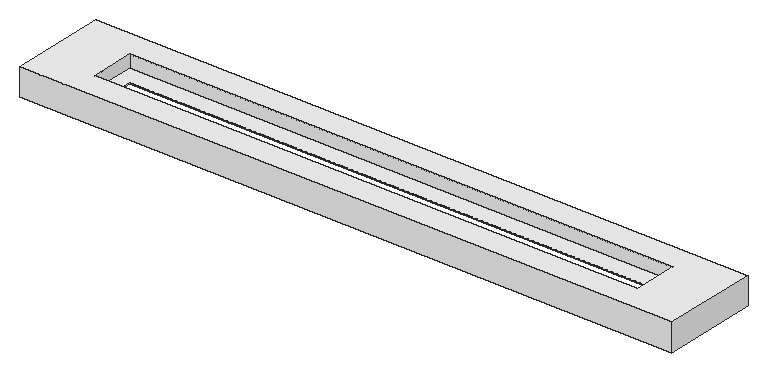
Revit family "LP7-WM", category Lighting Fixtures, host Wall, Revit 2013
Parameters (values of type "LP7")
  Watts = 39.7 W
  Wattage Comments = ""
  Wattage = 39.7 W
  built-in parameter 1150110 = 1 (stored number, unit not read)
  Voltage = 120 V
  URL = "https://www.hubbell.com/aleralighting/en/"
  built-in parameter 1114217 = 1 (stored number, unit not read)
  Tilt Angle = 90.00°
  built-in parameter 1150109 = 1 (stored number, unit not read)
  built-in parameter 1150134 = 12
  built-in parameter 1150113 = 1 (stored number, unit not read)
  Row Option = LP7 : 4'
  Photometric Web Link = "https://www.hubbell.com/aleralighting/en/Products/Lighting-Controls/Commercial-Indoor-Lighting/Wall-Mount/LP7WM/p/19976"
  Photometric Notes = "IES files download on Photometric Web Link"  # constant formula
  Glass = Hubbell - White Glass
  Product Page URL = "https://www.hubbell.com/aleralighting/en/Products/Lighting-Controls/Commercial-Indoor-Lighting/Wall-Mount/LP7WM/p/19976"
  Product Documentation Link = "https://hubbellcdn.com/specsheet/lp7_wm.pdf"
  Power Factor = 1
  Photometric Web File = "generic.ies"
  Model = "LP7-WM"  # constant formula
  Manufacturer = "Alera Lighting"  # constant formula
  built-in parameter 1150105 = 344.36 (stored number, unit not read)
  Lumens = 4327.3 lm
  built-in parameter 1150115 = 1 (stored number, unit not read)
  Load Classification = Lighting
  built-in parameter 1150137 = (empty or 0)
  built-in parameter 1150139 = (empty or 0)
  built-in parameter 1150112 = 1 (stored number, unit not read)
  built-in parameter 1150114 = 1 (stored number, unit not read)
  Lamp = "LED"  # constant formula
  built-in parameter 1150132 = (empty or 0)
  built-in parameter 1150102 = (empty or 0)
  built-in parameter 1150107 = 4000 (stored number, unit not read)
  built-in parameter 1150138 = (empty or 0)
  built-in parameter 1150106 = 3.4436 (stored number, unit not read)
  Emit from Rectangle Width = 48.00"  # constant formula
  Emit from Rectangle Length = 3.00"  # constant formula
  Emit Shape Visible in Rendering = no
  built-in parameter 1150104 = 10.126 (stored number, unit not read)
  Dimming Lamp Color Temperature Shift = <None>
  Description = "Plank 7'' LED Wall Mount"  # constant formula
  Contact Us = "https://www.hubbell.com/aleralighting/en/contactUs"
  Color Filter = 16777215
  Housing Material = Hubbell - White
  built-in parameter 1114218 = 1 (stored number, unit not read)
  built-in parameter 1150133 = 10 (stored number, unit not read)
  Assembly Code = "D5020210"
  Apparent Load = Watts / Power Factor  # 39.7 VA
Reference planes (in)
  plane 1 "Wall": y = 0
  plane 2 "Center (Left/Right)": x = 4.92126
  plane 3 "Back": y = 2.95276
  plane 4: y = 5.95276
  plane 5: z = 81.34304
Text (in)
  text "Placement Side" at (-36.97918, 19.73443, 0), in view "Ref. Level"
  text "Placement side" at (0, 27.32912, 79.68064), in view "Left"
  text "Placement side" at (0, 10.24977, 82.91007), in view "Right"
Dimensions and locks (in)
  locked: plane 3 "Back" to host wall
  locked: plane 3 "Back" to plane 4 at 3
  aligned and locked: plane 1 "Wall" to host wall
  aligned and locked: plane 4 to imposter light
  aligned and locked: plane 5 to imposter light
  aligned and locked: imposter light to plane 2 "Center (Left/Right)"
Nested families (in)
  nested 1: "LP7" at (2.87359, 6.49275, 82.59304) x (-1, 0, 0) z (0, 0, -1), type <- "Row Option", Glass <- "Glass", Backbox <- "Housing Material", type "4'"
    with Glass Hubbell - White Glass, Backbox Hubbell - White
Definition of nested family "LP7"
  Parameters (values of type "8'")
    Wattage Comments = ""
    URL = ""
    Row Length = 96.00"
    Model = ""
    Manufacturer = ""
    Lamp = ""
    Glass [instance] = none
    Description = ""
    Default Elevation = 48.00"
    Backbox [instance] = none
  Types (3): name | Row Length
    (no name) | 96.00"
    4' | 48.00"
    8' | 96.00"
  Reference planes (in)
    plane 1 "Center (Front/Back)": y = 0.03999
    plane 2: z = 0
    plane 3 "Center (Left/Right)": x = -2.04767
    plane 4: x = -50.04767
    plane 5: x = 45.95233
    plane 6: x = -49.94767
    plane 7: x = 45.85233
    plane 8: x = -46.04767
    plane 9: x = 41.95233
    plane 10: y = 3.53999
    plane 11: y = -3.46001
    plane 12: z = 2
    plane 13: y = 1.66499
    plane 14: y = -1.58501
    plane 15: y = 1.91499
    plane 16: y = -1.83501
    plane 17: z = 1.9
    plane 18: y = 3.43999
    plane 19: y = -3.36001
  Forms (in)
    Extrusion 1, solid
      sketch origin (0, 0, 0.06357) x (1, 0, 0) y (0, 1, 0)
        loop
          line (-48, 48) -> (-48, -48) -> (48, -48) -> (48, 48) -> (-48, 48)
      from -0.06357 to -17.74365
    Extrusion 2, solid, material <- "Backbox"
      sketch origin (-2.04767, 0, 0) x (0, 1, 0) y (0, 0, 1)
        loop
          line (3.53999, 2) -> (-3.46001, 2) -> (-3.46001, 0) -> (3.53999, 0) -> (3.53999, 2)
      from 47.9 to 48
    Extrusion 3, solid, material <- "Backbox"
      sketch origin (-2.04767, 0, 0) x (0, 1, 0) y (0, 0, 1)
        loop
          line (3.53999, 2) -> (-3.46001, 2) -> (-3.46001, 0) -> (3.53999, 0) -> (3.53999, 2)
      from -48 to -47.9
    Extrusion 4, solid, material <- "Backbox"
      sketch origin (-2.04767, 0, 0) x (0, 1, 0) y (0, 0, 1)
        loop
          line (3.43999, 0.9) -> (-3.36001, 0.9) -> (-3.36001, 0) -> (3.43999, 0) -> (3.43999, 0.9)
      from -47.9 to 47.9
    Extrusion 5, solid, material <- "Backbox"
      sketch origin (-2.04767, 0, 0) x (0, 1, 0) y (0, 0, 1)
        loop
          line (-3.46001, 2) -> (-3.46001, 0) -> (-3.36001, 0) -> (-3.36001, 1.9) -> (3.43999, 1.9) -> (3.43999, 0) -> (3.53999, 0) -> (3.53999, 2) -> (-3.46001, 2)
      from -47.9 to 47.9
    Extrusion 6, void
      sketch origin (-2.04767, 0, 0) x (0, 1, 0) y (0, 0, 1)
        loop
          line (1.66499, 2) -> (-1.58501, 2) -> (-1.58501, 0) -> (1.66499, 0) -> (1.66499, 2)
      from -44 to 44
    Extrusion 7, solid, material <- "Glass"
      sketch origin (-2.04767, 0, 0) x (0, 1, 0) y (0, 0, 1)
        loop
          line (1.66499, 2) -> (-1.58501, 2) -> (-1.58501, 1.9) -> (1.66499, 1.9) -> (1.66499, 2)
      from -44 to 44
  Cuts and joins
    Extrusion 6 cuts Extrusion 4
    Extrusion 6 cuts Extrusion 5
    joined: Extrusion 2, Extrusion 3, Extrusion 4, Extrusion 5
  Dimensions and locks (in)
    equal spacing: plane 5, plane 3 "Center (Left/Right)", plane 4
    locked: plane 6 to plane 4 at 0.1
    "Row Length": plane 5 to plane 4
    equal spacing: plane 7, plane 3 "Center (Left/Right)", plane 6
    equal spacing: plane 9, plane 3 "Center (Left/Right)", plane 8
    locked: plane 8 to plane 4 at 4
    equal spacing: plane 10, plane 1 "Center (Front/Back)", plane 11
    locked: plane 10 to plane 11 at 7
    locked: plane 12 to plane 2 at 2
    equal spacing: plane 13, plane 1 "Center (Front/Back)", plane 14
    locked: plane 13 to plane 14 at 3.25
    equal spacing: plane 15, plane 1 "Center (Front/Back)", plane 16
    locked: plane 15 to plane 13 at 0.25
    locked: plane 19 to plane 11 at 0.1
    locked: plane 10 to plane 18 at 0.1
    locked: plane 12 to plane 17 at 0.1
    aligned and locked: plane 2 to Extrusion 1
    aligned and locked: level to Extrusion 1
    aligned and locked: plane 12 to Extrusion 2 sketch curve
    aligned and locked: Extrusion 2 sketch curve to plane 10
    aligned and locked: Extrusion 2 sketch curve to level
    aligned and locked: plane 11 to Extrusion 2 sketch curve
    aligned and locked: Extrusion 3 sketch curve to Extrusion 2  (x4)
    aligned and locked: Extrusion 4 sketch curve to level
    aligned and locked: plane 7 to Extrusion 4
    aligned and locked: Extrusion 3 to plane 4
    aligned and locked: plane 6 to Extrusion 3
    aligned and locked: Extrusion 4 to plane 6
    aligned and locked: plane 5 to Extrusion 2
    aligned and locked: Extrusion 2 to plane 7
    aligned and locked: Extrusion 5 sketch curve to Extrusion 3  (x4)
    aligned and locked: Extrusion 5 sketch curve to Extrusion 1
    aligned and locked: plane 18 to Extrusion 5 sketch curve
    aligned and locked: Extrusion 5 sketch curve to plane 17
    aligned and locked: Extrusion 5 sketch curve to plane 19
    aligned and locked: Extrusion 5 to plane 6
    aligned and locked: plane 7 to Extrusion 5
    aligned and locked: plane 12 to Extrusion 6 sketch curve
    aligned and locked: Extrusion 6 sketch curve to plane 13
    aligned and locked: plane 14 to Extrusion 6 sketch curve
    aligned and locked: plane 9 to Extrusion 6
    aligned and locked: Extrusion 6 to plane 8
    aligned and locked: cut or joined group of Extrusion 2, Extrusion 3, Extrusion 4, Extrusion 5, Extrusion 6 to Extrusion 7 sketch curve  (x3)
    aligned and locked: Extrusion 7 sketch curve to cut or joined group of Extrusion 2, Extrusion 3, Extrusion 4, Extrusion 5, Extrusion 6
    aligned and locked: plane 9 to Extrusion 7
    aligned and locked: Extrusion 7 to plane 8
    aligned and locked: plane 18 to Extrusion 4 sketch curve
    aligned and locked: Extrusion 4 sketch curve to plane 19
    aligned and locked: Extrusion 6 to level
  Automatic sketch dimensions
    Extrusion 1 sketch curve to Extrusion 1 sketch curve = 96.00"  (x2)
    level to Extrusion 4 sketch curve = 0.90"
    Extrusion 6 sketch curve to level = 0.00"
